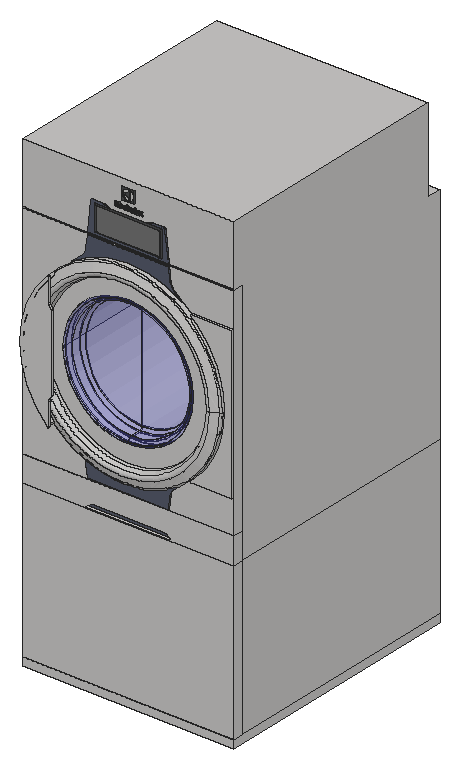
Revit family "TD6-14 Gas", category Attrezzature speciali, Revit 2014
Parameters
  Show Logo [instance] = yes
  Show Clearance [instance] = yes
  Manufacturer = ""
  Model = ""
  Description = ""
Reference planes
  plane 1: z = 0
  plane 2 "BACK": y = 414.5
  plane 3 "FRONT": y = -549.5
  plane 4 "LEFT": x = -799
  plane 5 "RIGHT": x = -6
  plane 6 "TOP": z = 1771
  plane 7: y = -601.5
  plane 8: y = -1323.5
Forms (mm)
  Extrusion 1, solid, material "QF_Finishes_Stainless Steel"
    sketch origin (718.1, -398.1, 598.796) x (0, 0, -1) y (0, 1, 0)
      loop
        line (-14.704, 812.6) -> (-855.66, 812.6) -> (-855.66, 756.6) -> (-941.204, 756.6) -> (-941.204, -115.453) -> (-14.704, -115.453) -> (-14.704, 812.6)
    from -1517.1 to -724.1
  Extrusion 2, solid, material "QF_Finishes_Stainless Steel"
    sketch origin (718.1, -368.1, 598.796) x (0, 0, -1) y (0, 1, 0)
      loop
        line (568.796, -145.453) -> (568.796, 782.6) -> (-14.704, 782.6) -> (-14.704, -145.453) -> (568.796, -145.453)
    from -1517.1 to -724.1
  Sweep 3, solid, material "QF_Finishes_Black"
    path origin (686.327, -549.5, 1684.42) x (0, 0, -1) y (1, 0, 0)
      loop
        line (131.445, -962.809) -> (32.707, -962.809) -> (32.707, -1214.809) -> (131.445, -1214.809) -> (131.445, -962.809)
    profile origin (-276.482, -549.5, 1602.344) x (-1, 0, 0) y (0, -1, 0)
      loop
        line (5, 0) -> (5, 5)
        arc (5, 5) -> (1.464, 3.536) -> (0, 0) r 5
        line (0, 0) -> (5, 0)
  Extrusion 4, solid, material "QF_Finishes_Dark Grey"
    sketch origin (686.327, -549.5, 1684.42) x (0, 0, -1) y (1, 0, 0)
      loop
        line (126.445, -1209.809) -> (126.445, -967.809) -> (37.707, -967.809) -> (37.707, -1209.809) -> (126.445, -1209.809)
    from 0 to 4
  Extrusion 5, void
    sketch origin (889, -517.06, 1195.994) x (0, 0, -1) y (1, 0, 0)
      loop
        circle (69.994, -1291.5) r 245
    from -451.9 to 33.109
  Extrusion 6, solid, material "QF_Finishes_Stainless Steel"
    sketch origin (718.1, 358.5, 1540) x (0, 0, -1) y (-1, 0, 0)
      loop
        circle (43, 786.1) r 12.7
    from 0 to 5
  Extrusion 7, solid, material "QF_Finishes_Stainless Steel"
    sketch origin (653.455, 414.5, 172.018) x (0, 0, 1) y (1, 0, 0)
      loop
        circle (67.982, -1277.455) r 100
    from 0 to 5
  Extrusion 8, solid, material "QF_Finishes_Stainless Steel"
    sketch origin (-499, 0, 0) x (0, 1, 0) y (0, 0, 1)
      loop
        line (358.5, 1540) -> (358.5, 1771) -> (-549.5, 1771) -> (-549.5, 1541.816)
        arc (-549.5, 1541.816) -> (-548.968, 1540.532) -> (-547.684, 1540) r 1.816
        line (-547.684, 1540) -> (358.5, 1540)
    from -300 to 493
  Extrusion 9, solid, material "QF_Finishes_Stainless Steel"
    sketch origin (0, 0, 1114.3) x (-1, 0, 0) y (0, -1, 0)
      loop
        line (799, -414.5) -> (799, 549.5) -> (6, 549.5) -> (6, -414.5) -> (799, -414.5)
    from -1114.3 to -1084.3
  Extrusion 10, solid, material "QF_Finishes_Stainless Steel"
    sketch origin (-499, -118.96, 0) x (0, 1, 0) y (0, 0, 1)
      loop
        line (-394.593, 1540) -> (-430.54, 1540) -> (-430.54, 713.5) -> (-394.593, 713.5) -> (-394.593, 1540)
    from -300 to 493
  Extrusion 11, solid, material "QF_Finishes_Stainless Steel"
    sketch origin (-499, -118.96, 0) x (0, 1, 0) y (0, 0, 1)
      loop
        line (-430.54, 713.5) -> (-430.54, 613.5) -> (-394.593, 613.5) -> (-394.593, 713.5) -> (-430.54, 713.5)
    from -300 to 493
  Extrusion 12, solid, material "QF_Finishes_Stainless Steel"
    sketch origin (-499, -118.96, 0) x (0, 1, 0) y (0, 0, 1)
      loop
        line (-394.593, 613.5) -> (-430.54, 613.5) -> (-430.54, 30) -> (-394.593, 30) -> (-394.593, 613.5)
    from -300 to 493
  Sweep 13, solid, material "QF_Finishes_Stainless Steel"
    path origin (-409, -549.5, 1444.576) x (0, 0, -1) y (1, 0, 0)
      loop
        circle (318.576, 6.5) r 366.295
    profile origin (-402.5, -549.5, 1492.295) x (0, 0, -1) y (0, -1, 0)
      loop
        line (0, 0) -> (60.401, 0)
        arc (60.401, 0) -> (59.825, 6.814) -> (57.535, 13.257) r 26.651
        line (57.535, 13.257) -> (49.537, 28.994)
        arc (49.537, 28.994) -> (42.511, 35.32) -> (33.058, 35.302) r 13.156
        line (33.058, 35.302) -> (4.309, 24.168)
        arc (4.309, 24.168) -> (1.18, 21.691) -> (0, 17.88) r 6.744
        line (0, 17.88) -> (0, 0)
  Extrusion 14, solid, material "QF_Finishes_Stainless Steel"
    sketch origin (889, -689.525, 1195.994) x (0, 0, -1) y (1, 0, 0)
      loop
        line (353.669, -897.598) -> (-212.997, -897.549) -> (-213.01, -1046.361)
        arc (-213.01, -1046.361) -> (-212.131, -1048.481) -> (-210.011, -1049.36) r 2.999
        line (-210.011, -1049.36) -> (-204.852, -1049.36)
        arc (-204.852, -1049.36) -> (-80.8, -957.683) -> (69.994, -925.205) r 366.295
        arc (69.994, -925.205) -> (220.927, -957.746) -> (345.042, -1049.589) r 366.295
        line (345.042, -1049.589) -> (350.683, -1049.589)
        arc (350.683, -1049.589) -> (352.804, -1048.711) -> (353.682, -1046.59) r 2.999
        line (353.682, -1046.59) -> (353.669, -897.598)
    from -140.025 to -130.025
  Revolve 15, solid, material "QF_Door-Drawer Clearances", visible <- "Show Clearance", detail levels coarse
    sketch origin (889, -601.5, 1195.994) x (0, 0, -1) y (1, 0, 0)
      loop
        circle (69.994, -1291.5) r 366.295
      axis (69.994, -924.023) -> (68.994, -924.023)
    angle from 0 to -90
  Revolve 16, solid, material "QF_Finishes_Glass"
    sketch origin (-402.863, -289.313, 555.02) x (0, 1, 0) y (0, 0, 1)
      loop
        arc (-190.673, 783.338) -> (-195.066, 793.945) -> (-205.673, 798.338) r 15
        line (-205.673, 798.338) -> (-244.95, 798.338)
        arc (-244.95, 798.338) -> (-252.021, 801.267) -> (-254.95, 808.338) r 10
        line (-254.95, 808.338) -> (-254.95, 816.338) -> (-259.95, 816.338) -> (-259.95, 808.338)
        arc (-259.95, 808.338) -> (-255.556, 797.732) -> (-244.95, 793.338) r 15
        line (-244.95, 793.338) -> (-205.673, 793.338)
        arc (-205.673, 793.338) -> (-198.602, 790.409) -> (-195.673, 783.338) r 10
        line (-195.673, 783.338) -> (-195.673, 570.975) -> (-190.673, 570.975) -> (-190.673, 783.338)
      axis (-259.95, 570.975) -> (-190.673, 570.975)
    angle from 0 to 360
  Extrusion 17, solid, material "QF_Finishes_Stainless Steel"
    sketch origin (-529, -549.5, 1444.576) x (0, 0, -1) y (1, 0, 0)
      loop
        arc (176.622, -119.08) -> (174.216, -119.45) -> (172.033, -120.527) r 8
        line (172.033, -120.527) -> (158.099, -130.284)
        arc (158.099, -130.284) -> (155.934, -131.338) -> (153.554, -131.7) r 8
        line (153.554, -131.7) -> (65.736, -131.7)
        arc (65.736, -131.7) -> (63.285, -133.352) -> (63.896, -136.244) r 2.645
        arc (63.896, -136.244) -> (318.617, -239.419) -> (573.315, -136.187) r 365.919
        arc (573.315, -136.187) -> (573.918, -133.331) -> (571.497, -131.7) r 2.612
        line (571.497, -131.7) -> (483.599, -131.7)
        arc (483.599, -131.7) -> (481.193, -131.33) -> (479.01, -130.253) r 8
        line (479.01, -130.253) -> (465.119, -120.527)
        arc (465.119, -120.527) -> (462.936, -119.45) -> (460.53, -119.08) r 8
        line (460.53, -119.08) -> (176.622, -119.08)
    from 47.713 to 52
  Extrusion 18, solid, material "QF_Finishes_Stainless Steel"
    sketch origin (-529, -601.5, 1444.576) x (0, 0, -1) y (1, 0, 0)
      loop
        arc (63.896, -136.244) -> (318.617, -239.419) -> (573.315, -136.187) r 365.919
        line (573.315, -136.187) -> (563.547, -131.7)
        arc (563.547, -131.7) -> (318.584, -229.419) -> (73.616, -131.711) r 355.919
        line (73.616, -131.711) -> (63.896, -136.244)
    from -4.287 to -34.753
  Extrusion 19, void
    sketch origin (-401.334, -549.5, 611.842) x (0, 0, 1) y (1, 0, 0)
      loop
        arc (1.908, -169.725) -> (2.027, -168.962) -> (2.374, -168.272) r 2.499
        line (2.374, -168.272) -> (21.699, -140.672)
        arc (21.699, -140.672) -> (23.335, -137.382) -> (23.898, -133.751) r 11.994
        line (23.898, -133.751) -> (23.897, 130.467)
        arc (23.897, 130.467) -> (23.336, 134.095) -> (21.703, 137.383) r 11.994
        line (21.703, 137.383) -> (2.374, 164.988)
        arc (2.374, 164.988) -> (2.027, 165.678) -> (1.908, 166.441) r 2.499
        line (1.908, 166.441) -> (1.908, -169.725)
    from 0 to 13.427
  Extrusion 20, solid, material "QF_Finishes_Blue"
    sketch origin (-499, -549.5, 893.425) x (0, 0, 1) y (-1, 0, 0)
      loop
        arc (767.274, 37.584) -> (765.819, 41.099) -> (762.304, 42.555) r 4.971
        line (762.304, 42.555) -> (650.575, 54.795) -> (650.575, -247.832) -> (761.659, -235.663)
        arc (761.659, -235.663) -> (765.63, -234.018) -> (767.274, -230.047) r 5.615
        line (767.274, -230.047) -> (767.274, -186.505)
        arc (767.274, -186.505) -> (766.484, -180.953) -> (764.209, -175.828) r 20.351
        line (764.209, -175.828) -> (758.288, -166.304) -> (758.288, -222.518) -> (659.55, -222.518) -> (659.55, 29.482) -> (758.288, 29.482) -> (758.288, -26.732) -> (764.209, -17.208)
        arc (764.209, -17.208) -> (766.483, -12.086) -> (767.274, -6.538) r 20.35
        line (767.274, -6.538) -> (767.274, 37.584)
    from 0 to 1.6
  Extrusion 21, solid, material "QF_Finishes_Blue"
    sketch origin (-499, -549.5, 893.425) x (0, 0, 1) y (-1, 0, 0)
      loop
        arc (594.486, 60.933) -> (579.244, 65.533) -> (566.695, 75.331) r 43.3
        line (566.695, 75.331) -> (532.276, 114.098)
        arc (532.276, 114.098) -> (598.87, -96.026) -> (532.82, -306.322) r 366.295
        line (532.82, -306.322) -> (566.695, -268.167)
        arc (566.695, -268.167) -> (579.244, -258.37) -> (594.486, -253.77) r 43.3
        line (594.486, -253.77) -> (642.075, -248.6) -> (642.075, 55.764) -> (594.486, 60.933)
    from 0 to 1.6
  Extrusion 22, solid, material "QF_Finishes_Blue"
    sketch origin (-499, -549.5, 893.425) x (0, 0, 1) y (-1, 0, 0)
      loop
        line (-129.403, 60.926) -> (-176.925, 55.764) -> (-176.925, -248.6) -> (-129.403, -253.763)
        arc (-129.403, -253.763) -> (-114.123, -258.355) -> (-101.544, -268.169) r 43.3
        line (-101.544, -268.169) -> (-67.671, -306.321)
        arc (-67.671, -306.321) -> (-133.72, -96.026) -> (-67.127, 114.098) r 366.295
        line (-67.127, 114.098) -> (-101.544, 75.332)
        arc (-101.544, 75.332) -> (-114.123, 65.518) -> (-129.403, 60.926) r 43.3
    from 0 to 1.6
  Extrusion 23, solid, material "QF_Finishes_Stainless Steel"
    sketch origin (718.1, 358.5, 1540) x (0, 0, -1) y (-1, 0, 0)
      loop
        circle (43, 834.1) r 12.7
    from 0 to 5
Cuts and joins
  Extrusion 5 cuts Extrusion 1
  Extrusion 5 cuts Extrusion 8
  joined: Extrusion 1, Extrusion 8
  Extrusion 5 cuts Extrusion 10
  Extrusion 19 cuts Extrusion 11
  joined: Sweep 13, Extrusion 14, Extrusion 17, Extrusion 18
Lines and regions (mm)
  Split face 1
    outline origin (-6, -549.5, 1540) x (-1, 0, 0) y (0, 0, -1)
      loop
        circle (396.5, 414) r 305.895
  symbolic lines
    curve 1: line (-6, 414.5, 1771) -> (-799, 414.5, 1771)
    curve 2: line (-799, -549.5, 1771) -> (-6, -549.5, 1771)
    curve 3: line (-6, 414.5, 0) -> (-6, -549.5, 0)
    curve 4: line (-799, 414.5, 0) -> (-799, -549.5, 0)
    curve 6: line (-6, 358.5, 0) -> (-799, 358.5, 0)
  symbolic lines, style "QF_Door-Drawer Clearances", visible <- "Show Clearance"
    curve 5: line (-6, -1323.5, 0) -> (-6, -549.5, 0)
    curve 7: arc (-768.795, -549.5, 0) -> (-549.88, -1096.63, 0) -> (-6, -1323.5, 0) r 761.144
  symbolic lines, style "SpecialityEquipment"
    curve 8: line (-8.549, -559.5, 0) -> (-8.549, -549.5, 0)
    curve 9: line (-160.36, -559.5, 0) -> (-8.549, -559.5, 0)
    curve 10: line (-160.36, -549.5, 0) -> (-160.36, -559.5, 0)
    curve 11: line (-768.419, -601.5, 0) -> (-659.284, -601.5, 0)
    curve 12: line (-659.284, -597.213, 0) -> (-758.419, -597.213, 0)
    curve 13: line (-758.419, -569.602, 0) -> (-758.419, -597.213, 0)
    curve 14: line (-659.284, -597.213, 0) -> (-659.284, -601.5, 0)
    curve 15: line (-768.419, -569.602, 0) -> (-758.419, -569.602, 0)
    curve 16: line (-74.013, -585.689, 0) -> (-758.419, -585.689, 0)
    curve 17: line (-768.419, -569.602, 0) -> (-768.419, -601.5, 0)
    curve 18: line (-40.513, -573.668, 0) -> (-758.419, -573.668, 0)
    curve 19: line (-768.795, -549.5, 0) -> (-768.795, -567.38, 0)
    curve 20: arc (-768.795, -567.38, 0) -> (-768.701, -568.507, 0) -> (-768.419, -569.602, 0) r 6.744
    curve 21: line (-36.205, -559.5, 0) -> (-36.205, -567.38, 0)
    curve 22: line (-40.513, -573.668, 0) -> (-69.262, -584.802, 0)
    curve 23: arc (-36.205, -567.38, 0) -> (-37.385, -571.191, 0) -> (-40.513, -573.668, 0) r 6.744
    curve 24: arc (-74.013, -585.689, 0) -> (-71.597, -585.465, 0) -> (-69.262, -584.802, 0) r 13.156
Dimensions and locks
  plane 4 "LEFT" to plane 5 "RIGHT" = 793 mm
  plane 2 "BACK" to plane 3 "FRONT" = 964 mm
  plane 6 "TOP" to level = 1771 mm
  Extrusion 2 to Extrusion 2 = 583.5 mm
  Extrusion 6 sketch curve to plane 6 "TOP" = 274 mm
  plane 5 "RIGHT" to Extrusion 6 sketch curve = 62 mm
  Extrusion 23 sketch curve to plane 6 "TOP" = 274 mm
  plane 5 "RIGHT" to Extrusion 23 sketch curve = 110 mm
  level to Extrusion 7 sketch curve = 240 mm
  Extrusion 7 sketch curve to plane 4 "LEFT" = 175 mm
  plane 2 "BACK" to plane 7 = 1016 mm
  plane 2 "BACK" to plane 8 = 1738 mm
  aligned and locked: level to plane 1
  aligned and locked: Extrusion 1 to plane 4 "LEFT"
  aligned and locked: plane 5 "RIGHT" to Extrusion 1
  aligned and locked: Extrusion 2 to plane 4 "LEFT"
  aligned and locked: plane 5 "RIGHT" to Extrusion 2
  aligned and locked: plane 5 "RIGHT" to Extrusion 8
  aligned and locked: Extrusion 8 to plane 4 "LEFT"
  aligned and locked: plane 5 "RIGHT" to Extrusion 12
  aligned and locked: Extrusion 12 to plane 4 "LEFT"
  aligned and locked: Extrusion 11 to plane 4 "LEFT"
  aligned and locked: plane 5 "RIGHT" to Extrusion 11
  aligned and locked: Extrusion 10 to plane 4 "LEFT"
  aligned and locked: plane 5 "RIGHT" to Extrusion 10
  aligned and locked: Extrusion 18 to Extrusion 17
  aligned and locked: plane 2 "BACK" to Extrusion 2
Nested families
  nested 1: "ELX_Logo_S_New" at (-415.511, -549.5, 1674.59) x (1, 0, 0) z (0, -1, 0), visible <- "Show Logo", type "ELX_Logo_S_New"
    with Material QF_Finishes_Black
  nested 2: "ELX_Logo_Symbol_S" at (-394.886, -549.5, 1729.274) x (-1, 0, 0) z (0, -1, 0), visible <- "Show Logo", type "ELX_Logo_Symbol_S"
    with Material QF_Finishes_Black
Connectors
  piping at (-624, 419.5, 240), diameter 200
    settings: on Extrusion 7, index 3, connector inside diameter 609.6 mm, connector length 0 mm, flow factor 0, pipe flow 0.0 L/s, pressure drop 0.0 Pa, fitting loss kfactor 0, connector angle 0.00°, fixture units 0, engagement length 0 mm, angle of deflection 0.00°, flow configuration 1, flow direction 2, fitting loss method 0, system type 7, joint type 0, gender type 0, connector reference index -1, connector utility 0, adjustable connector no, is connector primary yes, connector description "Exhaust Connection"
  electrical at (-68, 363.5, 1497)
    settings: on Extrusion 6, index 4, voltage 0 V, apparent load 0 VA, apparent load phase1 0 VA, apparent load phase2 0 VA, apparent load phase3 0 VA, power factor 1, load classification "Other", number of poles 1, system type 30, power factor state 1, is connector primary yes, connector utility no, sub classification motor no, connector description "Electrical Connection"
  piping at (-116, 363.5, 1497), diameter 25.4
    settings: on Extrusion 23, index 5, connector inside diameter 609.6 mm, connector length 0 mm, flow factor 0, pipe flow 0.0 L/s, pressure drop 0.0 Pa, fitting loss kfactor 0, connector angle 0.00°, fixture units 0, engagement length 0 mm, angle of deflection 0.00°, flow configuration 1, flow direction 1, fitting loss method 0, system type 7, joint type 0, gender type 0, connector reference index -1, connector utility 0, adjustable connector no, is connector primary no, connector description "Gas Connection"
Definition of nested family "ELX_Logo_S_New"
  Parameters (values of type "ELX_Logo_S_New")
    Material [instance] = QF_Finishes_Gray
    Default Elevation = 0 mm
  Reference planes
    plane 1 "Centro (Fronte/Retro)": y = 0
    plane 2: z = 0
    plane 3 "Centro (Sinistra/Destra)": x = 0
  Forms (mm)
    Extrusion 1, solid
      sketch origin (0, 0, 0) x (1, 0, 0) y (0, 1, 0)
        loop
          line (-1219.2, 1219.2) -> (-1219.2, -1219.2) -> (1219.2, -1219.2) -> (1219.2, 1219.2) -> (-1219.2, 1219.2)
      from 0 to -304.8
    Extrusion 2, solid, material "QF_Finishes_Gray" <- "Material"
      sketch origin (0, 0, 0) x (1, 0, 0) y (0, 1, 0)
        loop
          spline (-31.006, -2.781) -> (-31.24, -2.771) -> (-31.49, -2.739) -> (-31.748, -2.68) -> (-32.009, -2.591) -> (-32.264, -2.469) -> (-32.508, -2.308) -> (-32.732, -2.105) -> (-32.932, -1.857) -> (-33.099, -1.559) -> (-33.226, -1.207) -> (-33.308, -0.798) -> (-33.337, -0.327)
          line (-33.337, -0.327) -> (-33.337, 1.761) -> (-26.444, 1.761) -> (-26.444, 4.423) -> (-33.338, 4.423) -> (-33.338, 8.299) -> (-26.005, 8.299) -> (-26.005, 10.954) -> (-36.159, 10.954) -> (-36.159, -0.206)
          spline (-36.159, -0.206) -> (-36.134, -0.893) -> (-36.057, -1.54) -> (-35.927, -2.145) -> (-35.743, -2.707) -> (-35.503, -3.222) -> (-35.206, -3.689) -> (-34.85, -4.106) -> (-34.433, -4.47) -> (-33.955, -4.779) -> (-33.414, -5.031) -> (-32.809, -5.223) -> (-32.137, -5.354)
          line (-32.137, -5.354) -> (-31.029, -5.433) -> (-25.809, -5.433) -> (-25.809, -2.781) -> (-31.006, -2.781)
        loop
          line (-23.804, 3.211) -> (-23.804, -5.437) -> (-20.982, -5.437) -> (-20.982, 10.958) -> (-23.804, 10.958) -> (-23.804, 3.211)
        loop
          spline (-7.052, -0.2) -> (-7.034, 0.688) -> (-7.119, 1.546) -> (-7.304, 2.368) -> (-7.586, 3.144) -> (-7.962, 3.868) -> (-8.426, 4.531) -> (-8.977, 5.126) -> (-9.61, 5.644) -> (-10.321, 6.077) -> (-11.107, 6.419) -> (-11.964, 6.66) -> (-12.889, 6.793)
          spline (-12.889, 6.793) -> (-13.767, 6.742) -> (-14.602, 6.592) -> (-15.387, 6.346) -> (-16.116, 6.008) -> (-16.782, 5.583) -> (-17.379, 5.073) -> (-17.902, 4.483) -> (-18.343, 3.816) -> (-18.697, 3.077) -> (-18.958, 2.269) -> (-19.119, 1.395) -> (-19.174, 0.46)
          spline (-19.174, 0.46) -> (-19.121, -0.452) -> (-18.964, -1.304) -> (-18.71, -2.094) -> (-18.362, -2.816) -> (-17.926, -3.468) -> (-17.406, -4.045) -> (-16.808, -4.544) -> (-16.137, -4.96) -> (-15.397, -5.291) -> (-14.594, -5.532) -> (-13.733, -5.679) -> (-12.817, -5.729)
          spline (-12.817, -5.729) -> (-12.371, -5.719) -> (-11.93, -5.685) -> (-11.493, -5.626) -> (-11.062, -5.54) -> (-10.636, -5.425) -> (-10.216, -5.277) -> (-9.8, -5.096) -> (-9.391, -4.879) -> (-8.987, -4.623) -> (-8.588, -4.326) -> (-8.196, -3.987) -> (-7.809, -3.603)
          line (-7.809, -3.603) -> (-9.51, -1.949)
          spline (-9.51, -1.949) -> (-9.734, -2.164) -> (-9.959, -2.362) -> (-10.188, -2.542) -> (-10.422, -2.703) -> (-10.662, -2.846) -> (-10.913, -2.971) -> (-11.174, -3.077) -> (-11.449, -3.163) -> (-11.739, -3.231) -> (-12.047, -3.28) -> (-12.374, -3.309) -> (-12.723, -3.319)
          spline (-12.723, -3.319) -> (-13.234, -3.294) -> (-13.713, -3.219) -> (-14.158, -3.098) -> (-14.568, -2.931) -> (-14.94, -2.72) -> (-15.272, -2.469) -> (-15.562, -2.177) -> (-15.809, -1.849) -> (-16.009, -1.485) -> (-16.162, -1.088) -> (-16.264, -0.659) -> (-16.314, -0.2)
          line (-16.314, -0.2) -> (-7.052, -0.2)
        loop
          spline (-9.888, 1.784) -> (-9.915, 2.133) -> (-9.995, 2.469) -> (-10.124, 2.788) -> (-10.298, 3.088) -> (-10.514, 3.365) -> (-10.768, 3.615) -> (-11.056, 3.836) -> (-11.376, 4.024) -> (-11.722, 4.176) -> (-12.092, 4.289) -> (-12.482, 4.359) -> (-12.889, 4.383)
          spline (-12.889, 4.383) -> (-13.325, 4.36) -> (-13.744, 4.291) -> (-14.144, 4.18) -> (-14.52, 4.03) -> (-14.868, 3.844) -> (-15.186, 3.624) -> (-15.469, 3.375) -> (-15.715, 3.099) -> (-15.919, 2.798) -> (-16.077, 2.477) -> (-16.186, 2.138) -> (-16.243, 1.784)
          line (-16.243, 1.784) -> (-9.888, 1.784)
        loop
          spline (-2.737, 0.532) -> (-2.704, 1.057) -> (-2.61, 1.555) -> (-2.457, 2.022) -> (-2.249, 2.455) -> (-1.991, 2.851) -> (-1.685, 3.205) -> (-1.336, 3.514) -> (-0.948, 3.775) -> (-0.524, 3.984) -> (-0.067, 4.138) -> (0.417, 4.233) -> (0.926, 4.265)
          spline (0.926, 4.265) -> (1.238, 4.255) -> (1.537, 4.226) -> (1.824, 4.178) -> (2.098, 4.112) -> (2.362, 4.027) -> (2.615, 3.925) -> (2.858, 3.806) -> (3.093, 3.67) -> (3.318, 3.518) -> (3.536, 3.349) -> (3.746, 3.165) -> (3.95, 2.966)
          line (3.95, 2.966) -> (5.699, 4.785)
          spline (5.699, 4.785) -> (5.351, 5.133) -> (4.992, 5.446) -> (4.624, 5.724) -> (4.246, 5.969) -> (3.859, 6.181) -> (3.463, 6.362) -> (3.059, 6.512) -> (2.646, 6.633) -> (2.226, 6.725) -> (1.8, 6.79) -> (1.366, 6.828) -> (0.926, 6.841)
          spline (0.926, 6.841) -> (0.044, 6.786) -> (-0.801, 6.626) -> (-1.601, 6.367) -> (-2.349, 6.014) -> (-3.037, 5.573) -> (-3.658, 5.051) -> (-4.204, 4.453) -> (-4.668, 3.785) -> (-5.041, 3.053) -> (-5.318, 2.263) -> (-5.489, 1.421) -> (-5.548, 0.532)
          spline (-5.548, 0.532) -> (-5.489, -0.357) -> (-5.318, -1.199) -> (-5.041, -1.989) -> (-4.668, -2.721) -> (-4.204, -3.389) -> (-3.658, -3.987) -> (-3.037, -4.509) -> (-2.349, -4.95) -> (-1.601, -5.303) -> (-0.801, -5.562) -> (0.044, -5.722) -> (0.926, -5.777)
          spline (0.926, -5.777) -> (1.366, -5.764) -> (1.8, -5.726) -> (2.226, -5.662) -> (2.646, -5.569) -> (3.059, -5.449) -> (3.463, -5.298) -> (3.859, -5.117) -> (4.246, -4.905) -> (4.624, -4.66) -> (4.992, -4.382) -> (5.351, -4.069) -> (5.699, -3.721)
          line (5.699, -3.721) -> (3.95, -1.902)
          spline (3.95, -1.902) -> (3.746, -2.101) -> (3.536, -2.285) -> (3.318, -2.453) -> (3.093, -2.606) -> (2.858, -2.742) -> (2.615, -2.861) -> (2.362, -2.964) -> (2.098, -3.048) -> (1.824, -3.114) -> (1.537, -3.162) -> (1.238, -3.191) -> (0.926, -3.201)
          spline (0.926, -3.201) -> (0.417, -3.169) -> (-0.067, -3.074) -> (-0.524, -2.92) -> (-0.948, -2.711) -> (-1.336, -2.45) -> (-1.685, -2.141) -> (-1.991, -1.787) -> (-2.249, -1.391) -> (-2.457, -0.958) -> (-2.61, -0.491) -> (-2.704, 0.007) -> (-2.737, 0.532)
        loop
          spline (12.895, -2.785) -> (12.646, -2.789) -> (12.379, -2.77) -> (12.102, -2.724) -> (11.82, -2.646) -> (11.542, -2.531) -> (11.274, -2.376) -> (11.024, -2.175) -> (10.797, -1.924) -> (10.602, -1.618) -> (10.445, -1.253) -> (10.334, -0.824) -> (10.275, -0.327)
          line (10.275, -0.327) -> (10.275, 3.855) -> (12.842, 3.855) -> (12.842, 6.419) -> (10.278, 6.419) -> (10.278, 10.958) -> (7.456, 10.958) -> (7.456, -0.488)
          spline (7.456, -0.488) -> (7.516, -1.152) -> (7.626, -1.776) -> (7.785, -2.359) -> (7.996, -2.899) -> (8.26, -3.392) -> (8.577, -3.837) -> (8.951, -4.232) -> (9.38, -4.575) -> (9.868, -4.864) -> (10.415, -5.096) -> (11.023, -5.27) -> (11.693, -5.383)
          line (11.693, -5.383) -> (12.885, -5.437) -> (12.895, -2.785)
        loop
          spline (22.391, 6.583) -> (21.903, 6.613) -> (21.433, 6.605) -> (20.982, 6.558) -> (20.553, 6.476) -> (20.145, 6.358) -> (19.76, 6.207) -> (19.401, 6.022) -> (19.067, 5.807) -> (18.76, 5.561) -> (18.482, 5.286) -> (18.234, 4.984) -> (18.016, 4.655)
          line (18.016, 4.655) -> (18.016, 6.418) -> (15.217, 6.418) -> (15.217, -5.437) -> (18.016, -5.437) -> (18.016, 0.797)
          spline (18.016, 0.797) -> (18.042, 1.269) -> (18.118, 1.71) -> (18.242, 2.117) -> (18.412, 2.488) -> (18.627, 2.822) -> (18.884, 3.117) -> (19.182, 3.371) -> (19.518, 3.583) -> (19.892, 3.751) -> (20.3, 3.873) -> (20.742, 3.947) -> (21.215, 3.972)
          line (21.215, 3.972) -> (22.391, 3.855) -> (22.391, 6.583)
        loop
          spline (35.761, 0.49) -> (35.702, 1.36) -> (35.53, 2.189) -> (35.253, 2.971) -> (34.878, 3.698) -> (34.414, 4.364) -> (33.867, 4.963) -> (33.246, 5.488) -> (32.558, 5.932) -> (31.811, 6.289) -> (31.013, 6.552) -> (30.171, 6.715) -> (29.293, 6.771)
          spline (29.293, 6.771) -> (28.409, 6.715) -> (27.564, 6.552) -> (26.763, 6.289) -> (26.016, 5.932) -> (25.328, 5.488) -> (24.708, 4.963) -> (24.163, 4.364) -> (23.701, 3.698) -> (23.328, 2.971) -> (23.053, 2.189) -> (22.882, 1.36) -> (22.823, 0.49)
          spline (22.823, 0.49) -> (22.882, -0.379) -> (23.053, -1.208) -> (23.328, -1.989) -> (23.701, -2.716) -> (24.163, -3.382) -> (24.708, -3.981) -> (25.328, -4.506) -> (26.016, -4.951) -> (26.763, -5.308) -> (27.564, -5.571) -> (28.409, -5.734) -> (29.293, -5.79)
          spline (29.293, -5.79) -> (30.171, -5.734) -> (31.013, -5.571) -> (31.811, -5.308) -> (32.558, -4.951) -> (33.246, -4.506) -> (33.867, -3.981) -> (34.414, -3.382) -> (34.878, -2.716) -> (35.253, -1.989) -> (35.53, -1.208) -> (35.702, -0.379) -> (35.761, 0.49)
        loop
          spline (32.961, 0.49) -> (32.929, 1.004) -> (32.833, 1.493) -> (32.679, 1.955) -> (32.47, 2.385) -> (32.21, 2.779) -> (31.903, 3.134) -> (31.553, 3.445) -> (31.164, 3.709) -> (30.739, 3.921) -> (30.283, 4.077) -> (29.8, 4.174) -> (29.293, 4.207)
          spline (29.293, 4.207) -> (28.781, 4.174) -> (28.294, 4.077) -> (27.836, 3.921) -> (27.411, 3.709) -> (27.022, 3.445) -> (26.673, 3.134) -> (26.368, 2.779) -> (26.11, 2.385) -> (25.903, 1.955) -> (25.75, 1.493) -> (25.656, 1.004) -> (25.624, 0.49)
          spline (25.624, 0.49) -> (25.656, -0.022) -> (25.75, -0.512) -> (25.903, -0.973) -> (26.11, -1.403) -> (26.368, -1.798) -> (26.673, -2.153) -> (27.022, -2.464) -> (27.411, -2.728) -> (27.836, -2.94) -> (28.294, -3.096) -> (28.781, -3.193) -> (29.293, -3.226)
          spline (29.293, -3.226) -> (29.8, -3.193) -> (30.283, -3.096) -> (30.739, -2.94) -> (31.164, -2.728) -> (31.553, -2.464) -> (31.903, -2.153) -> (32.21, -1.798) -> (32.47, -1.403) -> (32.679, -0.973) -> (32.833, -0.512) -> (32.929, -0.022) -> (32.961, 0.49)
        loop
          line (37.497, 3.493) -> (37.497, -5.437) -> (40.321, -5.437) -> (40.321, 10.958) -> (37.497, 10.958) -> (37.497, 3.493)
        loop
          line (50.501, 6.418) -> (50.501, -0.473)
          spline (50.501, -0.473) -> (50.478, -0.921) -> (50.412, -1.325) -> (50.305, -1.686) -> (50.159, -2.005) -> (49.978, -2.282) -> (49.763, -2.52) -> (49.517, -2.718) -> (49.243, -2.878) -> (48.943, -3.001) -> (48.619, -3.087) -> (48.275, -3.139) -> (47.913, -3.155)
          spline (47.913, -3.155) -> (47.55, -3.139) -> (47.206, -3.088) -> (46.883, -3.001) -> (46.583, -2.879) -> (46.309, -2.72) -> (46.063, -2.523) -> (45.849, -2.287) -> (45.667, -2.012) -> (45.522, -1.696) -> (45.414, -1.339) -> (45.348, -0.94) -> (45.326, -0.498)
          line (45.326, -0.498) -> (45.326, 6.418) -> (42.479, 6.418) -> (42.479, -0.733)
          spline (42.479, -0.733) -> (42.53, -1.543) -> (42.676, -2.28) -> (42.911, -2.945) -> (43.228, -3.537) -> (43.621, -4.058) -> (44.082, -4.508) -> (44.604, -4.888) -> (45.18, -5.197) -> (45.804, -5.437) -> (46.468, -5.607) -> (47.165, -5.709) -> (47.89, -5.743)
          spline (47.89, -5.743) -> (48.62, -5.709) -> (49.323, -5.605) -> (49.993, -5.432) -> (50.621, -5.189) -> (51.203, -4.875) -> (51.729, -4.491) -> (52.194, -4.034) -> (52.59, -3.506) -> (52.91, -2.905) -> (53.147, -2.231) -> (53.295, -1.484) -> (53.346, -0.662)
          line (53.346, -0.662) -> (53.346, 6.418) -> (50.501, 6.418)
        loop
          line (64.026, -1.646) -> (62.246, 0.843) -> (64.45, 3.846) -> (66.338, 6.418) -> (63.257, 6.418) -> (60.692, 2.866) -> (58.105, 6.418) -> (55.047, 6.418) -> (56.801, 4.02) -> (59.14, 0.82) -> (56.689, -2.595) -> (54.647, -5.437) -> (57.682, -5.437) -> (60.692, -1.25) -> (63.703, -5.437) -> (66.738, -5.437) -> (64.026, -1.646)
      from 0 to 1.644
  Dimensions and locks
    aligned and locked: plane 2 to Extrusion 1
    aligned and locked: level to Extrusion 1
Definition of nested family "ELX_Logo_Symbol_S"
  Parameters (values of type "ELX_Logo_Symbol_S")
    Material [instance] = QF_Finishes_Gray
    Default Elevation = 0 mm
  Reference planes
    plane 1 "Centro (Fronte/Retro)": y = 0
    plane 2: z = 0
    plane 3 "Centro (Sinistra/Destra)": x = 0
  Forms (mm)
    Extrusion 1, solid
      sketch origin (0, 0, 0) x (1, 0, 0) y (0, 1, 0)
        loop
          line (-1219.2, 1219.2) -> (-1219.2, -1219.2) -> (1219.2, -1219.2) -> (1219.2, 1219.2) -> (-1219.2, 1219.2)
      from 0 to -304.8
    Extrusion 2, solid, material "QF_Finishes_Gray" <- "Material"
      sketch origin (94.462, 558.781, 0) x (1, 0, 0) y (0, 1, 0)
        loop
          line (-92.971, -571.574) -> (-92.971, -531.14)
          arc (-92.971, -531.14) -> (-107.917, -551.357) -> (-92.971, -571.574) r 21.146
        loop
          arc (-90.914, -571.574) -> (-74.098, -567.752) -> (-65.997, -552.529) r 20.723
          line (-65.997, -552.529) -> (-72.686, -552.529)
          arc (-72.686, -552.529) -> (-84.636, -557.38) -> (-90.914, -568.646) r 19.424
          line (-90.914, -568.646) -> (-90.914, -571.574)
        loop
          arc (-90.914, -534.068) -> (-84.636, -545.334) -> (-72.686, -550.185) r 19.424
          line (-72.686, -550.185) -> (-65.997, -550.185)
          arc (-65.997, -550.185) -> (-74.085, -534.837) -> (-90.914, -530.621) r 21.265
          line (-90.914, -530.621) -> (-90.914, -534.068)
        loop
          line (-64.462, -573.781) -> (-64.462, -528.842) -> (-109.462, -528.842) -> (-109.462, -573.781) -> (-64.462, -573.781)
      from 0 to 1.644
  Dimensions and locks
    aligned and locked: plane 2 to Extrusion 1
    aligned and locked: level to Extrusion 1
